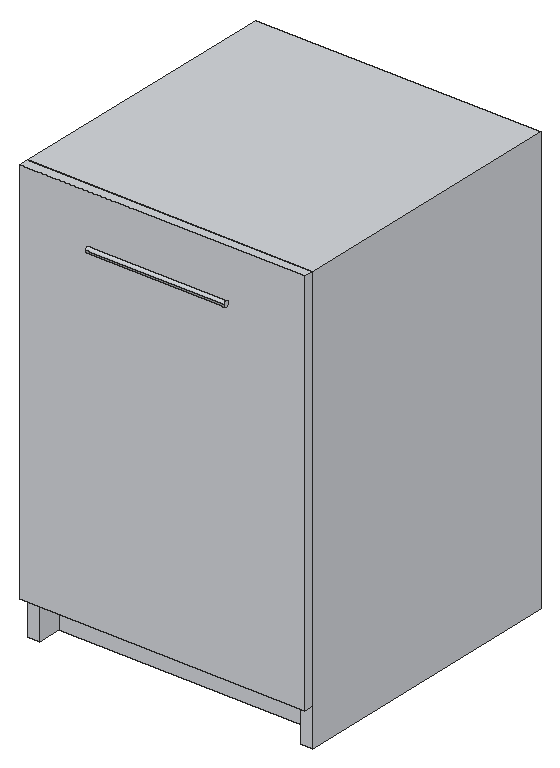
Revit family "ARCH_Casework_BaseCabinet", category Casework, Revit 2026
Family settings
  Work Plane-Based = No
  Always vertical = Yes
  Cut with Voids When Loaded = No
  Shared = No
  Room Calculation Point = No
Parameters (values of type "W600")
  ToeKickHeight = 80 mm
  Mat_Front = none
  Mat_Body = none
  Handle_OnOff = yes
  Depth = 600 mm
  Height = 900 mm
  Width = 600 mm
  Default Elevation = 0 mm
Types (3, lengths in mm): name | Width
  (no name) | 600
  W600 | 600
  W800 | 800
Reference planes
  plane 1 "Back": y = 0
  plane 2: z = 0
  plane 3 "Center (Left/Right)": x = 44.7
  plane 4 "Front": y = -600
  plane 5 "Left": x = -255.3
  plane 6 "Right": x = 344.7
  plane 7 "Top": z = 900
  plane 8 "ToeKick_Top": z = 80
Forms (mm)
  Extrusion 1, solid, material <- "Mat_Body"
    sketch origin (0, 0, 0) x (1, 0, 0) y (0, 1, 0)
      loop
        line (-255.3, 0) -> (-255.3, -600) -> (344.7, -600) -> (344.7, 0) -> (-255.3, 0)
    from 0 to 900
  Extrusion 2, void
    sketch origin (0, 0, 0) x (1, 0, 0) y (0, 1, 0)
      loop
        line (-230.3, -550) -> (-230.3, -600) -> (319.7, -600) -> (319.7, -550) -> (-230.3, -550)
    from 0 to 80
  Extrusion 3, solid, material <- "Mat_Front"
    sketch origin (0, -600, 0) x (1, 0, 0) y (0, 0, 1)
      loop
        line (-255.3, 900) -> (-255.3, 80) -> (344.7, 80) -> (344.7, 900) -> (-255.3, 900)
    from 0 to 20
  Extrusion 4, solid, visible <- "Handle_OnOff", detail levels fine
    sketch origin (44.7, 0, 0) x (0, 1, 0) y (0, 0, 1)
      loop
        circle (-635, 800) r 5
    from -146.09 to 146.09
Cuts and joins
  Extrusion 2 cuts Extrusion 1
Lines and regions (mm)
  symbolic lines, style "ToeKick_Symbolic"
    curve 1: line (-230.3, -550, 0) -> (-230.3, -600, 0)
    curve 2: line (319.7, -550, 0) -> (-230.3, -550, 0)
    curve 3: line (319.7, -600, 0) -> (319.7, -550, 0)
Dimensions and locks
  "Width": plane 6 "Right" to plane 5 "Left"
  equal spacing: plane 6 "Right", plane 3 "Center (Left/Right)", plane 5 "Left"
  "Depth": plane 4 "Front" to plane 1 "Back"
  "Height": level to plane 7 "Top"
  "ToeKickHeight": plane 8 "ToeKick_Top" to level
  locked: plane 5 "Left" to Extrusion 2 sketch curve at 25
  locked: Extrusion 2 sketch curve to plane 6 "Right" at 25
  locked: plane 4 "Front" to Extrusion 2 sketch curve at 50
  locked: plane 4 "Front" to Extrusion 3 at 20
  Extrusion 4 sketch curve to plane 7 "Top" = 100 mm
  equal spacing: Extrusion 4, plane 3 "Center (Left/Right)", Extrusion 4
  Extrusion 4 to Extrusion 4 = 292.18 mm
  Extrusion 3 to Extrusion 4 sketch curve = 15 mm
  diameter of Extrusion 4 sketch curve = 10 mm
  aligned and locked: level to plane 2
  aligned and locked: Extrusion 1 sketch curve to plane 4 "Front"
  aligned and locked: plane 1 "Back" to Extrusion 1 sketch curve
  aligned and locked: Extrusion 1 sketch curve to plane 6 "Right"
  aligned and locked: plane 5 "Left" to Extrusion 1 sketch curve
  aligned and locked: Extrusion 1 to plane 7 "Top"
  aligned and locked: Extrusion 2 sketch curve to plane 4 "Front"
  aligned and locked: plane 8 "ToeKick_Top" to cut or joined group of Extrusion 1, Extrusion 2
  aligned and locked: plane 2 to cut or joined group of Extrusion 1, Extrusion 2
  aligned and locked: curve 1 to cut or joined group of Extrusion 1, Extrusion 2
  aligned and locked: curve 2 to cut or joined group of Extrusion 1, Extrusion 2
  aligned and locked: curve 3 to cut or joined group of Extrusion 1, Extrusion 2
  aligned and locked: plane 5 "Left" to Extrusion 3 sketch curve
  aligned and locked: plane 8 "ToeKick_Top" to Extrusion 3 sketch curve
  aligned and locked: Extrusion 3 sketch curve to plane 6 "Right"
  aligned and locked: Extrusion 3 to plane 4 "Front"
  aligned and locked: plane 7 "Top" to Extrusion 3 sketch curve
Automatic sketch dimensions
  plane 4 "Front" to curve 1 = 0 mm
  plane 4 "Front" to curve 3 = 0 mm
